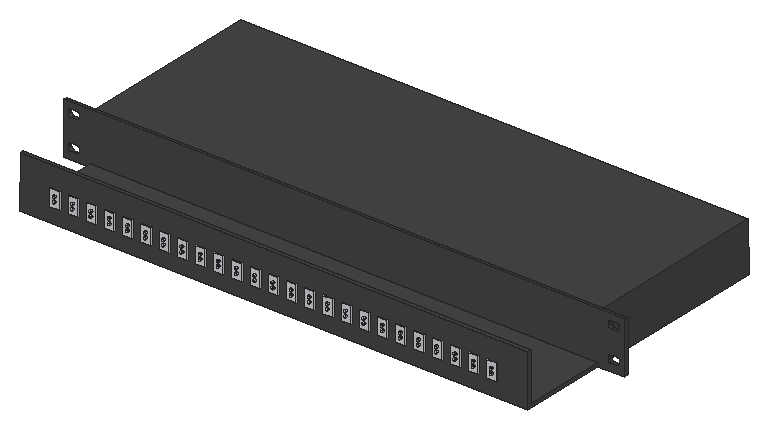
Revit family "Leviton-Data_Device-FibrePlus_Optical_Patch_Panel_FPCC1SXSM48L", category Data Devices, Revit 2026
Family settings
  Round Connector Dimension = Use Diameter
  Part Type = Normal
  Classification Number = 23.85.50.17
  Work Plane-Based = No
  Always vertical = Yes
  Cut with Voids When Loaded = No
  Maintain Annotation Orientation = No
  Shared = No
  Room Calculation Point = No
Parameters
  Manufacturer Info [instance] = "https://www.arcat.com/arcatcos/cos41/arc41690.html?q=leviton"  # constant formula
  Default Elevation = 0 mm
Reference planes
  plane 1 "Center (Front/Back)": y = 0
  plane 2: z = 0
  plane 3 "Center (Left/Right)": x = 0
  plane 4: x = -241.3
  plane 5: x = 241.3
  plane 6: x = 218.5
  plane 7: x = -218.5
  plane 8: y = 237
  plane 9: y = 78.5
  plane 10: z = 44.5
  plane 11: x = -100
  plane 12: x = -192
  plane 13: x = 192
  plane 14: z = 26.713
Forms (mm)
  Extrusion 1, solid, material "Leviton - Black Metal"
    sketch origin (0, 78.5, 0) x (0, -1, 0) y (0, 0, 1)
      loop
        line (0, 0) -> (3, 0) -> (3, 44.5) -> (0, 44.5) -> (0, 0)
    from -241.5 to 241.5
  Extrusion 2, void
    sketch origin (0, 78.5, 0) x (-1, 0, 0) y (0, 0, 1)
      loop
        arc (230, 39.5) -> (228.232, 38.768) -> (227.5, 37) r 2.5
        line (227.5, 37) -> (227.5, 35)
        arc (227.5, 35) -> (228.232, 33.232) -> (230, 32.5) r 2.5
        line (230, 32.5) -> (235, 32.5)
        arc (235, 32.5) -> (236.768, 33.232) -> (237.5, 35) r 2.5
        line (237.5, 35) -> (237.5, 37)
        arc (237.5, 37) -> (236.768, 38.768) -> (235, 39.5) r 2.5
        line (235, 39.5) -> (230, 39.5)
      loop
        line (230, 6) -> (235, 6)
        arc (235, 6) -> (236.768, 6.732) -> (237.5, 8.5) r 2.5
        line (237.5, 8.5) -> (237.5, 10.5)
        arc (237.5, 10.5) -> (236.768, 12.268) -> (235, 13) r 2.5
        line (235, 13) -> (230, 13)
        arc (230, 13) -> (228.232, 12.268) -> (227.5, 10.5) r 2.5
        line (227.5, 10.5) -> (227.5, 8.5)
        arc (227.5, 8.5) -> (228.232, 6.732) -> (230, 6) r 2.5
      loop
        line (-230, 39.5) -> (-235, 39.5)
        arc (-235, 39.5) -> (-236.768, 38.768) -> (-237.5, 37) r 2.5
        line (-237.5, 37) -> (-237.5, 35)
        arc (-237.5, 35) -> (-236.768, 33.232) -> (-235, 32.5) r 2.5
        line (-235, 32.5) -> (-230, 32.5)
        arc (-230, 32.5) -> (-228.232, 33.232) -> (-227.5, 35) r 2.5
        line (-227.5, 35) -> (-227.5, 37)
        arc (-227.5, 37) -> (-228.232, 38.768) -> (-230, 39.5) r 2.5
      loop
        arc (-230, 6) -> (-228.232, 6.732) -> (-227.5, 8.5) r 2.5
        line (-227.5, 8.5) -> (-227.5, 10.5)
        arc (-227.5, 10.5) -> (-228.232, 12.268) -> (-230, 13) r 2.5
        line (-230, 13) -> (-235, 13)
        arc (-235, 13) -> (-236.768, 12.268) -> (-237.5, 10.5) r 2.5
        line (-237.5, 10.5) -> (-237.5, 8.5)
        arc (-237.5, 8.5) -> (-236.768, 6.732) -> (-235, 6) r 2.5
        line (-235, 6) -> (-230, 6)
    from -45.721 to 15.401
  Extrusion 3, solid, material "Leviton - Black Metal"
    sketch origin (0, 0, 0) x (1, 0, 0) y (0, 0, 1)
      loop
        line (-218.5, 42.5) -> (-218.5, 0) -> (218.5, 0) -> (218.5, 42.5) -> (-218.5, 42.5)
    from -237 to -78.5
  Extrusion 4, solid
    sketch origin (-13.859, -75.5, 0) x (1, 0, 0) y (0, 0, 1)
      loop
        line (-178.141, 26.713) -> (-178.141, 12.713) -> (-170.141, 12.713) -> (-170.141, 26.713) -> (-178.141, 26.713)
    from -75.5 to -74.5
  Extrusion 5, solid
    sketch origin (-13.859, -75.5, 0) x (1, 0, 0) y (0, 0, 1)
      loop
        circle (-174.141, 17.713) r 1
    from -74.5 to -73.5
  Extrusion 6, solid
    sketch origin (17.474, -75.5, 0) x (1, 0, 0) y (0, 0, 1)
      loop
        line (-178.141, 26.713) -> (-178.141, 12.713) -> (-170.141, 12.713) -> (-170.141, 26.713) -> (-178.141, 26.713)
    from -75.5 to -74.5
  Extrusion 7, solid
    sketch origin (17.474, -75.5, 0) x (1, 0, 0) y (0, 0, 1)
      loop
        circle (-174.141, 17.713) r 1
    from -74.5 to -73.5
  Extrusion 8, solid
    sketch origin (48.808, -75.5, 0) x (1, 0, 0) y (0, 0, 1)
      loop
        line (-178.141, 26.713) -> (-178.141, 12.713) -> (-170.141, 12.713) -> (-170.141, 26.713) -> (-178.141, 26.713)
    from -75.5 to -74.5
  Extrusion 9, solid
    sketch origin (48.808, -75.5, 0) x (1, 0, 0) y (0, 0, 1)
      loop
        circle (-174.141, 17.713) r 1
    from -74.5 to -73.5
  Extrusion 10, solid
    sketch origin (64.474, -75.5, 0) x (1, 0, 0) y (0, 0, 1)
      loop
        line (-178.141, 26.713) -> (-178.141, 12.713) -> (-170.141, 12.713) -> (-170.141, 26.713) -> (-178.141, 26.713)
    from -75.5 to -74.5
  Extrusion 11, solid
    sketch origin (64.474, -75.5, 0) x (1, 0, 0) y (0, 0, 1)
      loop
        circle (-174.141, 17.713) r 1
    from -74.5 to -73.5
  Extrusion 12, solid
    sketch origin (95.808, -75.5, 0) x (1, 0, 0) y (0, 0, 1)
      loop
        line (-178.141, 26.713) -> (-178.141, 12.713) -> (-170.141, 12.713) -> (-170.141, 26.713) -> (-178.141, 26.713)
    from -75.5 to -74.5
  Extrusion 13, solid
    sketch origin (95.808, -75.5, 0) x (1, 0, 0) y (0, 0, 1)
      loop
        circle (-174.141, 17.713) r 1
    from -74.5 to -73.5
  Extrusion 14, solid
    sketch origin (142.808, -75.5, 0) x (1, 0, 0) y (0, 0, 1)
      loop
        line (-178.141, 26.713) -> (-178.141, 12.713) -> (-170.141, 12.713) -> (-170.141, 26.713) -> (-178.141, 26.713)
    from -75.5 to -74.5
  Extrusion 15, solid
    sketch origin (142.808, -75.5, 0) x (1, 0, 0) y (0, 0, 1)
      loop
        circle (-174.141, 17.713) r 1
    from -74.5 to -73.5
  Extrusion 16, solid
    sketch origin (174.141, -75.5, 0) x (1, 0, 0) y (0, 0, 1)
      loop
        line (-178.141, 26.713) -> (-178.141, 12.713) -> (-170.141, 12.713) -> (-170.141, 26.713) -> (-178.141, 26.713)
    from -75.5 to -74.5
  Extrusion 17, solid
    sketch origin (174.141, -75.5, 0) x (1, 0, 0) y (0, 0, 1)
      loop
        circle (-174.141, 17.713) r 1
    from -74.5 to -73.5
  Extrusion 18, solid
    sketch origin (189.808, -75.5, 0) x (1, 0, 0) y (0, 0, 1)
      loop
        line (-178.141, 26.713) -> (-178.141, 12.713) -> (-170.141, 12.713) -> (-170.141, 26.713) -> (-178.141, 26.713)
    from -75.5 to -74.5
  Extrusion 19, solid
    sketch origin (189.808, -75.5, 0) x (1, 0, 0) y (0, 0, 1)
      loop
        circle (-174.141, 17.713) r 1
    from -74.5 to -73.5
  Extrusion 20, solid
    sketch origin (221.141, -75.5, 0) x (1, 0, 0) y (0, 0, 1)
      loop
        line (-178.141, 26.713) -> (-178.141, 12.713) -> (-170.141, 12.713) -> (-170.141, 26.713) -> (-178.141, 26.713)
    from -75.5 to -74.5
  Extrusion 21, solid
    sketch origin (221.141, -75.5, 0) x (1, 0, 0) y (0, 0, 1)
      loop
        circle (-174.141, 17.713) r 1
    from -74.5 to -73.5
  Extrusion 22, solid
    sketch origin (268.141, -75.5, 0) x (1, 0, 0) y (0, 0, 1)
      loop
        line (-178.141, 26.713) -> (-178.141, 12.713) -> (-170.141, 12.713) -> (-170.141, 26.713) -> (-178.141, 26.713)
    from -75.5 to -74.5
  Extrusion 23, solid
    sketch origin (268.141, -75.5, 0) x (1, 0, 0) y (0, 0, 1)
      loop
        circle (-174.141, 17.713) r 1
    from -74.5 to -73.5
  Extrusion 24, solid
    sketch origin (299.474, -75.5, 0) x (1, 0, 0) y (0, 0, 1)
      loop
        line (-178.141, 26.713) -> (-178.141, 12.713) -> (-170.141, 12.713) -> (-170.141, 26.713) -> (-178.141, 26.713)
    from -75.5 to -74.5
  Extrusion 25, solid
    sketch origin (299.474, -75.5, 0) x (1, 0, 0) y (0, 0, 1)
      loop
        circle (-174.141, 17.713) r 1
    from -74.5 to -73.5
  Extrusion 26, solid
    sketch origin (315.141, -75.5, 0) x (1, 0, 0) y (0, 0, 1)
      loop
        line (-178.141, 26.713) -> (-178.141, 12.713) -> (-170.141, 12.713) -> (-170.141, 26.713) -> (-178.141, 26.713)
    from -75.5 to -74.5
  Extrusion 27, solid
    sketch origin (315.141, -75.5, 0) x (1, 0, 0) y (0, 0, 1)
      loop
        circle (-174.141, 17.713) r 1
    from -74.5 to -73.5
  Extrusion 28, solid
    sketch origin (346.474, -75.5, 0) x (1, 0, 0) y (0, 0, 1)
      loop
        line (-178.141, 26.713) -> (-178.141, 12.713) -> (-170.141, 12.713) -> (-170.141, 26.713) -> (-178.141, 26.713)
    from -75.5 to -74.5
  Extrusion 29, solid
    sketch origin (346.474, -75.5, 0) x (1, 0, 0) y (0, 0, 1)
      loop
        circle (-174.141, 17.713) r 1
    from -74.5 to -73.5
  Extrusion 30, solid
    sketch origin (1.808, -75.5, 0) x (1, 0, 0) y (0, 0, 1)
      loop
        line (-178.141, 26.713) -> (-178.141, 12.713) -> (-170.141, 12.713) -> (-170.141, 26.713) -> (-178.141, 26.713)
    from -75.5 to -74.5
  Extrusion 31, solid
    sketch origin (1.808, -75.5, 0) x (1, 0, 0) y (0, 0, 1)
      loop
        circle (-174.141, 17.713) r 1
    from -74.5 to -73.5
  Extrusion 32, solid
    sketch origin (33.141, -75.5, 0) x (1, 0, 0) y (0, 0, 1)
      loop
        line (-178.141, 26.713) -> (-178.141, 12.713) -> (-170.141, 12.713) -> (-170.141, 26.713) -> (-178.141, 26.713)
    from -75.5 to -74.5
  Extrusion 33, solid
    sketch origin (33.141, -75.5, 0) x (1, 0, 0) y (0, 0, 1)
      loop
        circle (-174.141, 17.713) r 1
    from -74.5 to -73.5
  Extrusion 34, solid
    sketch origin (80.141, -75.5, 0) x (1, 0, 0) y (0, 0, 1)
      loop
        line (-178.141, 26.713) -> (-178.141, 12.713) -> (-170.141, 12.713) -> (-170.141, 26.713) -> (-178.141, 26.713)
    from -75.5 to -74.5
  Extrusion 35, solid
    sketch origin (80.141, -75.5, 0) x (1, 0, 0) y (0, 0, 1)
      loop
        circle (-174.141, 17.713) r 1
    from -74.5 to -73.5
  Extrusion 36, solid
    sketch origin (111.474, -75.5, 0) x (1, 0, 0) y (0, 0, 1)
      loop
        line (-178.141, 26.713) -> (-178.141, 12.713) -> (-170.141, 12.713) -> (-170.141, 26.713) -> (-178.141, 26.713)
    from -75.5 to -74.5
  Extrusion 37, solid
    sketch origin (111.474, -75.5, 0) x (1, 0, 0) y (0, 0, 1)
      loop
        circle (-174.141, 17.713) r 1
    from -74.5 to -73.5
  Extrusion 38, solid
    sketch origin (127.141, -75.5, 0) x (1, 0, 0) y (0, 0, 1)
      loop
        line (-178.141, 26.713) -> (-178.141, 12.713) -> (-170.141, 12.713) -> (-170.141, 26.713) -> (-178.141, 26.713)
    from -75.5 to -74.5
  Extrusion 39, solid
    sketch origin (127.141, -75.5, 0) x (1, 0, 0) y (0, 0, 1)
      loop
        circle (-174.141, 17.713) r 1
    from -74.5 to -73.5
  Extrusion 40, solid
    sketch origin (158.474, -75.5, 0) x (1, 0, 0) y (0, 0, 1)
      loop
        line (-178.141, 26.713) -> (-178.141, 12.713) -> (-170.141, 12.713) -> (-170.141, 26.713) -> (-178.141, 26.713)
    from -75.5 to -74.5
  Extrusion 41, solid
    sketch origin (158.474, -75.5, 0) x (1, 0, 0) y (0, 0, 1)
      loop
        circle (-174.141, 17.713) r 1
    from -74.5 to -73.5
  Extrusion 42, solid
    sketch origin (205.474, -75.5, 0) x (1, 0, 0) y (0, 0, 1)
      loop
        line (-178.141, 26.713) -> (-178.141, 12.713) -> (-170.141, 12.713) -> (-170.141, 26.713) -> (-178.141, 26.713)
    from -75.5 to -74.5
  Extrusion 43, solid
    sketch origin (205.474, -75.5, 0) x (1, 0, 0) y (0, 0, 1)
      loop
        circle (-174.141, 17.713) r 1
    from -74.5 to -73.5
  Extrusion 44, solid
    sketch origin (236.808, -75.5, 0) x (1, 0, 0) y (0, 0, 1)
      loop
        line (-178.141, 26.713) -> (-178.141, 12.713) -> (-170.141, 12.713) -> (-170.141, 26.713) -> (-178.141, 26.713)
    from -75.5 to -74.5
  Extrusion 45, solid
    sketch origin (236.808, -75.5, 0) x (1, 0, 0) y (0, 0, 1)
      loop
        circle (-174.141, 17.713) r 1
    from -74.5 to -73.5
  Extrusion 46, solid
    sketch origin (252.474, -75.5, 0) x (1, 0, 0) y (0, 0, 1)
      loop
        line (-178.141, 26.713) -> (-178.141, 12.713) -> (-170.141, 12.713) -> (-170.141, 26.713) -> (-178.141, 26.713)
    from -75.5 to -74.5
  Extrusion 47, solid
    sketch origin (252.474, -75.5, 0) x (1, 0, 0) y (0, 0, 1)
      loop
        circle (-174.141, 17.713) r 1
    from -74.5 to -73.5
  Extrusion 48, solid
    sketch origin (283.808, -75.5, 0) x (1, 0, 0) y (0, 0, 1)
      loop
        line (-178.141, 26.713) -> (-178.141, 12.713) -> (-170.141, 12.713) -> (-170.141, 26.713) -> (-178.141, 26.713)
    from -75.5 to -74.5
  Extrusion 49, solid
    sketch origin (283.808, -75.5, 0) x (1, 0, 0) y (0, 0, 1)
      loop
        circle (-174.141, 17.713) r 1
    from -74.5 to -73.5
  Extrusion 50, solid
    sketch origin (330.808, -75.5, 0) x (1, 0, 0) y (0, 0, 1)
      loop
        line (-178.141, 26.713) -> (-178.141, 12.713) -> (-170.141, 12.713) -> (-170.141, 26.713) -> (-178.141, 26.713)
    from -75.5 to -74.5
  Extrusion 51, solid
    sketch origin (330.808, -75.5, 0) x (1, 0, 0) y (0, 0, 1)
      loop
        circle (-174.141, 17.713) r 1
    from -74.5 to -73.5
  Extrusion 52, solid
    sketch origin (362.141, -75.5, 0) x (1, 0, 0) y (0, 0, 1)
      loop
        line (-178.141, 26.713) -> (-178.141, 12.713) -> (-170.141, 12.713) -> (-170.141, 26.713) -> (-178.141, 26.713)
    from -75.5 to -74.5
  Extrusion 53, solid
    sketch origin (362.141, -75.5, 0) x (1, 0, 0) y (0, 0, 1)
      loop
        circle (-174.141, 17.713) r 1
    from -74.5 to -73.5
  Extrusion 54, solid, material "Leviton - Black Metal"
    sketch origin (0, 0, 0) x (0, 1, 0) y (0, 0, 1)
      loop
        line (75.5, 0) -> (75.5, 3) -> (3, 3) -> (3, 44.5) -> (0, 44.5) -> (0, 0) -> (75.5, 0)
    from -218.5 to 218.5
  Extrusion 55, solid
    sketch origin (221.141, -75.5, 4) x (1, 0, 0) y (0, 0, 1)
      loop
        circle (-174.141, 17.713) r 1
    from -74.5 to -73.5
  Extrusion 56, solid
    sketch origin (268.141, -75.5, 4) x (1, 0, 0) y (0, 0, 1)
      loop
        circle (-174.141, 17.713) r 1
    from -74.5 to -73.5
  Extrusion 57, solid
    sketch origin (299.474, -75.5, 4) x (1, 0, 0) y (0, 0, 1)
      loop
        circle (-174.141, 17.713) r 1
    from -74.5 to -73.5
  Extrusion 58, solid
    sketch origin (315.141, -75.5, 4) x (1, 0, 0) y (0, 0, 1)
      loop
        circle (-174.141, 17.713) r 1
    from -74.5 to -73.5
  Extrusion 59, solid
    sketch origin (346.474, -75.5, 4) x (1, 0, 0) y (0, 0, 1)
      loop
        circle (-174.141, 17.713) r 1
    from -74.5 to -73.5
  Extrusion 60, solid
    sketch origin (205.474, -75.5, 4) x (1, 0, 0) y (0, 0, 1)
      loop
        circle (-174.141, 17.713) r 1
    from -74.5 to -73.5
  Extrusion 61, solid
    sketch origin (236.808, -75.5, 4) x (1, 0, 0) y (0, 0, 1)
      loop
        circle (-174.141, 17.713) r 1
    from -74.5 to -73.5
  Extrusion 62, solid
    sketch origin (252.474, -75.5, 4) x (1, 0, 0) y (0, 0, 1)
      loop
        circle (-174.141, 17.713) r 1
    from -74.5 to -73.5
  Extrusion 63, solid
    sketch origin (283.808, -75.5, 4) x (1, 0, 0) y (0, 0, 1)
      loop
        circle (-174.141, 17.713) r 1
    from -74.5 to -73.5
  Extrusion 64, solid
    sketch origin (330.808, -75.5, 4) x (1, 0, 0) y (0, 0, 1)
      loop
        circle (-174.141, 17.713) r 1
    from -74.5 to -73.5
  Extrusion 65, solid
    sketch origin (362.141, -75.5, 4) x (1, 0, 0) y (0, 0, 1)
      loop
        circle (-174.141, 17.713) r 1
    from -74.5 to -73.5
  Extrusion 66, solid
    sketch origin (-13.859, -75.5, 4) x (1, 0, 0) y (0, 0, 1)
      loop
        circle (-174.141, 17.713) r 1
    from -74.5 to -73.5
  Extrusion 67, solid
    sketch origin (17.474, -75.5, 4) x (1, 0, 0) y (0, 0, 1)
      loop
        circle (-174.141, 17.713) r 1
    from -74.5 to -73.5
  Extrusion 68, solid
    sketch origin (48.808, -75.5, 4) x (1, 0, 0) y (0, 0, 1)
      loop
        circle (-174.141, 17.713) r 1
    from -74.5 to -73.5
  Extrusion 69, solid
    sketch origin (64.474, -75.5, 4) x (1, 0, 0) y (0, 0, 1)
      loop
        circle (-174.141, 17.713) r 1
    from -74.5 to -73.5
  Extrusion 70, solid
    sketch origin (95.808, -75.5, 4) x (1, 0, 0) y (0, 0, 1)
      loop
        circle (-174.141, 17.713) r 1
    from -74.5 to -73.5
  Extrusion 71, solid
    sketch origin (142.808, -75.5, 4) x (1, 0, 0) y (0, 0, 1)
      loop
        circle (-174.141, 17.713) r 1
    from -74.5 to -73.5
  Extrusion 72, solid
    sketch origin (174.141, -75.5, 4) x (1, 0, 0) y (0, 0, 1)
      loop
        circle (-174.141, 17.713) r 1
    from -74.5 to -73.5
  Extrusion 73, solid
    sketch origin (189.808, -75.5, 4) x (1, 0, 0) y (0, 0, 1)
      loop
        circle (-174.141, 17.713) r 1
    from -74.5 to -73.5
  Extrusion 74, solid
    sketch origin (1.808, -75.5, 4) x (1, 0, 0) y (0, 0, 1)
      loop
        circle (-174.141, 17.713) r 1
    from -74.5 to -73.5
  Extrusion 75, solid
    sketch origin (33.141, -75.5, 4) x (1, 0, 0) y (0, 0, 1)
      loop
        circle (-174.141, 17.713) r 1
    from -74.5 to -73.5
  Extrusion 76, solid
    sketch origin (80.141, -75.5, 4) x (1, 0, 0) y (0, 0, 1)
      loop
        circle (-174.141, 17.713) r 1
    from -74.5 to -73.5
  Extrusion 77, solid
    sketch origin (111.474, -75.5, 4) x (1, 0, 0) y (0, 0, 1)
      loop
        circle (-174.141, 17.713) r 1
    from -74.5 to -73.5
  Extrusion 78, solid
    sketch origin (127.141, -75.5, 4) x (1, 0, 0) y (0, 0, 1)
      loop
        circle (-174.141, 17.713) r 1
    from -74.5 to -73.5
  Extrusion 79, solid
    sketch origin (158.474, -75.5, 4) x (1, 0, 0) y (0, 0, 1)
      loop
        circle (-174.141, 17.713) r 1
    from -74.5 to -73.5
Cuts and joins
  Extrusion 2 cuts Extrusion 1
  joined: Extrusion 1, Extrusion 3, Extrusion 54
Dimensions and locks
  equal spacing: plane 4, plane 3 "Center (Left/Right)", plane 5
  plane 4 to plane 5 = 482.6 mm
  equal spacing: plane 5, plane 3 "Center (Left/Right)", plane 4
  plane 5 to plane 4 = 482.6 mm
  equal spacing: plane 13, plane 3 "Center (Left/Right)", plane 12
  plane 13 to plane 12 = 384 mm
  aligned and locked: Extrusion 52 to plane 14
  aligned and locked: Extrusion 8 to plane 14
Automatic sketch dimensions
  Extrusion 1 sketch curve to plane 9 = 0 mm
  Extrusion 1 sketch curve to level = 0 mm
  Extrusion 1 sketch curve to plane 10 = 0 mm
  Extrusion 1 sketch curve to Extrusion 1 sketch curve = 3 mm
  Extrusion 2 sketch curve to plane 5 = 3.8 mm  (x2)
  Extrusion 2 sketch curve to Extrusion 2 sketch curve = 2.5 mm  (x11)
  Extrusion 2 sketch curve to Extrusion 2 sketch curve = 5 mm  (x4)
  Extrusion 2 sketch curve to Extrusion 2 sketch curve = 0 mm  (x5)
  Extrusion 2 sketch curve to plane 7 = 9 mm  (x2)
  level to Extrusion 2 sketch curve = 6 mm  (x2)
  Extrusion 2 sketch curve to Extrusion 2 sketch curve = 2 mm  (x4)
  Extrusion 2 sketch curve to plane 14 = 5.787 mm  (x2)
  Extrusion 3 sketch curve to level = 0 mm
  Extrusion 3 sketch curve to plane 7 = 0 mm
  Extrusion 3 sketch curve to plane 6 = 0 mm
  Extrusion 3 sketch curve to plane 10 = 2 mm
  Extrusion 4 sketch curve to plane 12 = 0 mm
  Extrusion 4 sketch curve to plane 14 = 0 mm
  Extrusion 4 sketch curve to Extrusion 4 sketch curve = 8 mm
  level to Extrusion 4 sketch curve = 12.713 mm
  plane 12 to Extrusion 5 sketch curve = 4 mm
  plane 14 to Extrusion 5 sketch curve = 9 mm
  Extrusion 6 sketch curve to plane 14 = 0 mm
  level to Extrusion 6 sketch curve = 12.713 mm
  plane 12 to Extrusion 6 sketch curve = 31.333 mm
  Extrusion 6 sketch curve to Extrusion 6 sketch curve = 8 mm
  plane 14 to Extrusion 7 sketch curve = 9 mm
  plane 12 to Extrusion 7 sketch curve = 35.333 mm
  Extrusion 8 sketch curve to plane 14 = 0 mm
  level to Extrusion 8 sketch curve = 12.713 mm
  Extrusion 8 sketch curve to plane 11 = 29.333 mm
  Extrusion 8 sketch curve to Extrusion 8 sketch curve = 8 mm
  plane 14 to Extrusion 9 sketch curve = 9 mm
  Extrusion 9 sketch curve to plane 11 = 25.333 mm
  Extrusion 10 sketch curve to plane 14 = 0 mm
  Extrusion 10 sketch curve to plane 11 = 13.667 mm
  Extrusion 10 sketch curve to plane 11 = 5.667 mm
  level to Extrusion 10 sketch curve = 12.713 mm
  Extrusion 11 sketch curve to plane 11 = 9.667 mm
  plane 14 to Extrusion 11 sketch curve = 9 mm
  Extrusion 12 sketch curve to plane 14 = 0 mm
  plane 11 to Extrusion 12 sketch curve = 17.667 mm
  Extrusion 12 sketch curve to Extrusion 12 sketch curve = 8 mm
  level to Extrusion 12 sketch curve = 12.713 mm
  plane 14 to Extrusion 13 sketch curve = 9 mm
  plane 11 to Extrusion 13 sketch curve = 21.667 mm
  Extrusion 14 sketch curve to plane 14 = 0 mm
  level to Extrusion 14 sketch curve = 12.713 mm
  Extrusion 14 sketch curve to plane 3 "Center (Left/Right)" = 35.333 mm
  Extrusion 14 sketch curve to Extrusion 14 sketch curve = 8 mm
  plane 14 to Extrusion 15 sketch curve = 9 mm
  Extrusion 15 sketch curve to plane 3 "Center (Left/Right)" = 31.333 mm
  Extrusion 16 sketch curve to plane 14 = 0 mm
  Extrusion 16 sketch curve to plane 3 "Center (Left/Right)" = 4 mm
  plane 3 "Center (Left/Right)" to Extrusion 16 sketch curve = 4 mm
  level to Extrusion 16 sketch curve = 12.713 mm
  Extrusion 17 sketch curve to plane 3 "Center (Left/Right)" = 0 mm
  plane 14 to Extrusion 17 sketch curve = 9 mm
  Extrusion 18 sketch curve to plane 14 = 0 mm
  plane 3 "Center (Left/Right)" to Extrusion 18 sketch curve = 11.667 mm
  Extrusion 18 sketch curve to Extrusion 18 sketch curve = 8 mm
  level to Extrusion 18 sketch curve = 12.713 mm
  plane 3 "Center (Left/Right)" to Extrusion 19 sketch curve = 15.667 mm
  plane 14 to Extrusion 19 sketch curve = 9 mm
  Extrusion 20 sketch curve to plane 14 = 0 mm
  level to Extrusion 20 sketch curve = 12.713 mm
  plane 3 "Center (Left/Right)" to Extrusion 20 sketch curve = 43 mm
  Extrusion 20 sketch curve to Extrusion 20 sketch curve = 8 mm
  plane 14 to Extrusion 21 sketch curve = 9 mm
  plane 3 "Center (Left/Right)" to Extrusion 21 sketch curve = 47 mm
  Extrusion 22 sketch curve to plane 14 = 0 mm
  level to Extrusion 22 sketch curve = 12.713 mm
  plane 3 "Center (Left/Right)" to Extrusion 22 sketch curve = 90 mm
  Extrusion 22 sketch curve to Extrusion 22 sketch curve = 8 mm
  plane 14 to Extrusion 23 sketch curve = 9 mm
  plane 3 "Center (Left/Right)" to Extrusion 23 sketch curve = 94 mm
  Extrusion 24 sketch curve to plane 14 = 0 mm
  level to Extrusion 24 sketch curve = 12.713 mm
  Extrusion 24 sketch curve to plane 13 = 70.667 mm
  Extrusion 24 sketch curve to Extrusion 24 sketch curve = 8 mm
  plane 14 to Extrusion 25 sketch curve = 9 mm
  Extrusion 25 sketch curve to plane 13 = 66.667 mm
  Extrusion 26 sketch curve to plane 14 = 0 mm
  level to Extrusion 26 sketch curve = 12.713 mm
  Extrusion 26 sketch curve to plane 13 = 55 mm
  Extrusion 26 sketch curve to Extrusion 26 sketch curve = 8 mm
  plane 14 to Extrusion 27 sketch curve = 9 mm
  Extrusion 27 sketch curve to plane 13 = 51 mm
  Extrusion 28 sketch curve to plane 14 = 0 mm
  Extrusion 28 sketch curve to plane 13 = 23.667 mm
  Extrusion 28 sketch curve to Extrusion 28 sketch curve = 8 mm
  level to Extrusion 28 sketch curve = 12.713 mm
  plane 14 to Extrusion 29 sketch curve = 9 mm
  Extrusion 29 sketch curve to plane 13 = 19.667 mm
  Extrusion 30 sketch curve to plane 14 = 0 mm
  plane 12 to Extrusion 30 sketch curve = 15.667 mm
  Extrusion 30 sketch curve to Extrusion 30 sketch curve = 8 mm
  level to Extrusion 30 sketch curve = 12.713 mm
  plane 14 to Extrusion 31 sketch curve = 9 mm
  plane 12 to Extrusion 31 sketch curve = 19.667 mm
  Extrusion 32 sketch curve to plane 14 = 0 mm
  level to Extrusion 32 sketch curve = 12.713 mm
  Extrusion 32 sketch curve to plane 11 = 45 mm
  Extrusion 32 sketch curve to Extrusion 32 sketch curve = 8 mm
  plane 14 to Extrusion 33 sketch curve = 9 mm
  Extrusion 33 sketch curve to plane 11 = 41 mm
  Extrusion 34 sketch curve to plane 14 = 0 mm
  plane 11 to Extrusion 34 sketch curve = 2 mm
  Extrusion 34 sketch curve to Extrusion 34 sketch curve = 8 mm
  level to Extrusion 34 sketch curve = 12.713 mm
  plane 11 to Extrusion 35 sketch curve = 6 mm
  plane 14 to Extrusion 35 sketch curve = 9 mm
  Extrusion 36 sketch curve to plane 14 = 0 mm
  level to Extrusion 36 sketch curve = 12.713 mm
  plane 11 to Extrusion 36 sketch curve = 33.333 mm
  Extrusion 36 sketch curve to Extrusion 36 sketch curve = 8 mm
  plane 14 to Extrusion 37 sketch curve = 9 mm
  plane 11 to Extrusion 37 sketch curve = 37.333 mm
  Extrusion 38 sketch curve to plane 14 = 0 mm
  level to Extrusion 38 sketch curve = 12.713 mm
  plane 11 to Extrusion 38 sketch curve = 49 mm
  Extrusion 38 sketch curve to Extrusion 38 sketch curve = 8 mm
  plane 14 to Extrusion 39 sketch curve = 9 mm
  Extrusion 39 sketch curve to plane 3 "Center (Left/Right)" = 47 mm
  Extrusion 40 sketch curve to plane 14 = 0 mm
  Extrusion 40 sketch curve to plane 3 "Center (Left/Right)" = 19.667 mm
  Extrusion 40 sketch curve to Extrusion 40 sketch curve = 8 mm
  level to Extrusion 40 sketch curve = 12.713 mm
  Extrusion 41 sketch curve to plane 3 "Center (Left/Right)" = 15.667 mm
  plane 14 to Extrusion 41 sketch curve = 9 mm
  Extrusion 42 sketch curve to plane 14 = 0 mm
  level to Extrusion 42 sketch curve = 12.713 mm
  plane 3 "Center (Left/Right)" to Extrusion 42 sketch curve = 27.333 mm
  Extrusion 42 sketch curve to Extrusion 42 sketch curve = 8 mm
  plane 14 to Extrusion 43 sketch curve = 9 mm
  plane 3 "Center (Left/Right)" to Extrusion 43 sketch curve = 31.333 mm
  Extrusion 44 sketch curve to plane 14 = 0 mm
  level to Extrusion 44 sketch curve = 12.713 mm
  plane 3 "Center (Left/Right)" to Extrusion 44 sketch curve = 58.667 mm
  Extrusion 44 sketch curve to Extrusion 44 sketch curve = 8 mm
  plane 14 to Extrusion 45 sketch curve = 9 mm
  plane 3 "Center (Left/Right)" to Extrusion 45 sketch curve = 62.667 mm
  Extrusion 46 sketch curve to plane 14 = 0 mm
  level to Extrusion 46 sketch curve = 12.713 mm
  plane 3 "Center (Left/Right)" to Extrusion 46 sketch curve = 74.333 mm
  Extrusion 46 sketch curve to Extrusion 46 sketch curve = 8 mm
  plane 14 to Extrusion 47 sketch curve = 9 mm
  plane 3 "Center (Left/Right)" to Extrusion 47 sketch curve = 78.333 mm
  Extrusion 48 sketch curve to plane 14 = 0 mm
  level to Extrusion 48 sketch curve = 12.713 mm
  Extrusion 48 sketch curve to plane 13 = 86.333 mm
  Extrusion 48 sketch curve to Extrusion 48 sketch curve = 8 mm
  plane 14 to Extrusion 49 sketch curve = 9 mm
  Extrusion 49 sketch curve to plane 13 = 82.333 mm
  Extrusion 50 sketch curve to plane 14 = 0 mm
  level to Extrusion 50 sketch curve = 12.713 mm
  Extrusion 50 sketch curve to plane 13 = 39.333 mm
  Extrusion 50 sketch curve to Extrusion 50 sketch curve = 8 mm
  plane 14 to Extrusion 51 sketch curve = 9 mm
  Extrusion 51 sketch curve to plane 13 = 35.333 mm
  Extrusion 52 sketch curve to plane 14 = 0 mm
  Extrusion 52 sketch curve to plane 13 = 0 mm
  Extrusion 52 sketch curve to Extrusion 52 sketch curve = 8 mm
  level to Extrusion 52 sketch curve = 12.713 mm
  Extrusion 53 sketch curve to plane 13 = 4 mm
  plane 14 to Extrusion 53 sketch curve = 9 mm
  Extrusion 54 sketch curve to level = 0 mm
  Extrusion 54 sketch curve to plane 1 "Center (Front/Back)" = 0 mm
  Extrusion 54 sketch curve to plane 10 = 0 mm
  Extrusion 54 sketch curve to Extrusion 54 sketch curve = 3 mm
  plane 9 to Extrusion 54 sketch curve = 3 mm
  level to Extrusion 54 sketch curve = 3 mm
  plane 14 to Extrusion 55 sketch curve = 5 mm
  plane 3 "Center (Left/Right)" to Extrusion 55 sketch curve = 47 mm
  plane 14 to Extrusion 56 sketch curve = 5 mm
  plane 3 "Center (Left/Right)" to Extrusion 56 sketch curve = 94 mm
  plane 14 to Extrusion 57 sketch curve = 5 mm
  Extrusion 57 sketch curve to plane 13 = 66.667 mm
  plane 14 to Extrusion 58 sketch curve = 5 mm
  Extrusion 58 sketch curve to plane 13 = 51 mm
  plane 14 to Extrusion 59 sketch curve = 5 mm
  Extrusion 59 sketch curve to plane 13 = 19.667 mm
  plane 14 to Extrusion 60 sketch curve = 5 mm
  plane 3 "Center (Left/Right)" to Extrusion 60 sketch curve = 31.333 mm
  plane 14 to Extrusion 61 sketch curve = 5 mm
  plane 3 "Center (Left/Right)" to Extrusion 61 sketch curve = 62.667 mm
  plane 14 to Extrusion 62 sketch curve = 5 mm
  plane 3 "Center (Left/Right)" to Extrusion 62 sketch curve = 78.333 mm
  plane 14 to Extrusion 63 sketch curve = 5 mm
  Extrusion 63 sketch curve to plane 13 = 82.333 mm
  plane 14 to Extrusion 64 sketch curve = 5 mm
  Extrusion 64 sketch curve to plane 13 = 35.333 mm
  Extrusion 65 sketch curve to plane 13 = 4 mm
  plane 14 to Extrusion 65 sketch curve = 5 mm
  plane 12 to Extrusion 66 sketch curve = 4 mm
  plane 14 to Extrusion 66 sketch curve = 5 mm
  plane 14 to Extrusion 67 sketch curve = 5 mm
  plane 12 to Extrusion 67 sketch curve = 35.333 mm
  plane 14 to Extrusion 68 sketch curve = 5 mm
  Extrusion 68 sketch curve to plane 11 = 25.333 mm
  plane 14 to Extrusion 69 sketch curve = 5 mm
  Extrusion 69 sketch curve to plane 11 = 9.667 mm
  plane 14 to Extrusion 70 sketch curve = 5 mm
  plane 11 to Extrusion 70 sketch curve = 21.667 mm
  plane 14 to Extrusion 71 sketch curve = 5 mm
  Extrusion 71 sketch curve to plane 3 "Center (Left/Right)" = 31.333 mm
  Extrusion 72 sketch curve to plane 3 "Center (Left/Right)" = 0 mm
  plane 14 to Extrusion 72 sketch curve = 5 mm
  plane 14 to Extrusion 73 sketch curve = 5 mm
  plane 3 "Center (Left/Right)" to Extrusion 73 sketch curve = 15.667 mm
  plane 14 to Extrusion 74 sketch curve = 5 mm
  plane 12 to Extrusion 74 sketch curve = 19.667 mm
  plane 14 to Extrusion 75 sketch curve = 5 mm
  Extrusion 75 sketch curve to plane 11 = 41 mm
  plane 11 to Extrusion 76 sketch curve = 6 mm
  plane 14 to Extrusion 76 sketch curve = 5 mm
  plane 14 to Extrusion 77 sketch curve = 5 mm
  plane 11 to Extrusion 77 sketch curve = 37.333 mm
  plane 14 to Extrusion 78 sketch curve = 5 mm
  Extrusion 78 sketch curve to plane 3 "Center (Left/Right)" = 47 mm
  plane 14 to Extrusion 79 sketch curve = 5 mm
  Extrusion 79 sketch curve to plane 3 "Center (Left/Right)" = 15.667 mm
  radius of Extrusion 5 sketch curve = 1 mm
  radius of Extrusion 7 sketch curve = 1 mm
  radius of Extrusion 9 sketch curve = 1 mm
  radius of Extrusion 11 sketch curve = 1 mm
  radius of Extrusion 13 sketch curve = 1 mm
  radius of Extrusion 15 sketch curve = 1 mm
  radius of Extrusion 17 sketch curve = 1 mm
  radius of Extrusion 19 sketch curve = 1 mm
  radius of Extrusion 21 sketch curve = 1 mm
  radius of Extrusion 23 sketch curve = 1 mm
  radius of Extrusion 25 sketch curve = 1 mm
  radius of Extrusion 27 sketch curve = 1 mm
  radius of Extrusion 29 sketch curve = 1 mm
  radius of Extrusion 31 sketch curve = 1 mm
  radius of Extrusion 33 sketch curve = 1 mm
  radius of Extrusion 35 sketch curve = 1 mm
  radius of Extrusion 37 sketch curve = 1 mm
  radius of Extrusion 39 sketch curve = 1 mm
  radius of Extrusion 41 sketch curve = 1 mm
  radius of Extrusion 43 sketch curve = 1 mm
  radius of Extrusion 45 sketch curve = 1 mm
  radius of Extrusion 47 sketch curve = 1 mm
  radius of Extrusion 49 sketch curve = 1 mm
  radius of Extrusion 51 sketch curve = 1 mm
  radius of Extrusion 53 sketch curve = 1 mm
  radius of Extrusion 55 sketch curve = 1 mm
  radius of Extrusion 56 sketch curve = 1 mm
  radius of Extrusion 57 sketch curve = 1 mm
  radius of Extrusion 58 sketch curve = 1 mm
  radius of Extrusion 59 sketch curve = 1 mm
  radius of Extrusion 60 sketch curve = 1 mm
  radius of Extrusion 61 sketch curve = 1 mm
  radius of Extrusion 62 sketch curve = 1 mm
  radius of Extrusion 63 sketch curve = 1 mm
  radius of Extrusion 64 sketch curve = 1 mm
  radius of Extrusion 65 sketch curve = 1 mm
  radius of Extrusion 66 sketch curve = 1 mm
  radius of Extrusion 67 sketch curve = 1 mm
  radius of Extrusion 68 sketch curve = 1 mm
  radius of Extrusion 69 sketch curve = 1 mm
  radius of Extrusion 70 sketch curve = 1 mm
  radius of Extrusion 71 sketch curve = 1 mm
  radius of Extrusion 72 sketch curve = 1 mm
  radius of Extrusion 73 sketch curve = 1 mm
  radius of Extrusion 74 sketch curve = 1 mm
  radius of Extrusion 75 sketch curve = 1 mm
  radius of Extrusion 76 sketch curve = 1 mm
  radius of Extrusion 77 sketch curve = 1 mm
  radius of Extrusion 78 sketch curve = 1 mm
  radius of Extrusion 79 sketch curve = 1 mm
